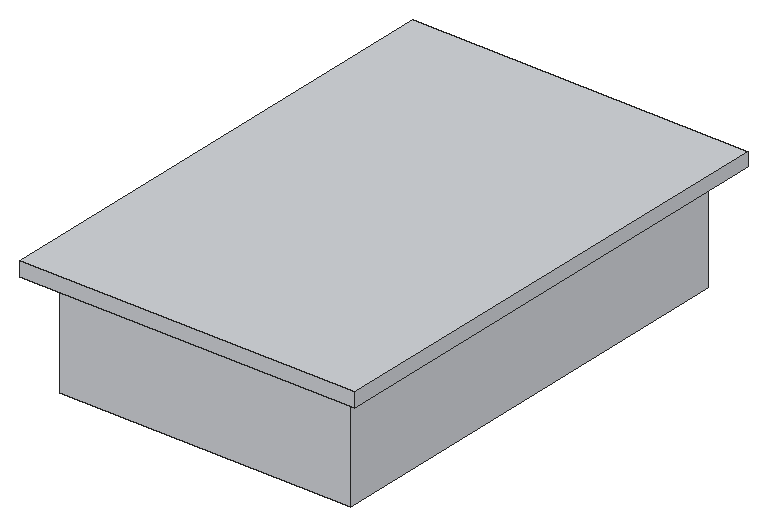
Revit family "5666d9a10e304437b6ca1e18ea2c7cd9", category Communication Devices, host Face, Revit 2021
Family settings
  Host = Face
  Maintain Annotation Orientation = Yes
  Round Connector Dimension = Use Diameter
  Part Type = Normal
  OmniClass Number = 23.85.10.11.11.21
  OmniClass Title = Speakers
  Seek Item ID = Wall Speaker-0000-USA-ENU
  Cut with Voids When Loaded = No
  Shared = No
  Room Calculation Point = No
Parameters (values of type "5" Speaker")
  Width = 0' - 7 1/2"
  Height = 0' - 11"
  Depth = 0' - 2 11/16"
  Default Elevation = 4' - 0"
Types (3): name | Width | Height | Depth
  (no name) | 0' - 7 1/2" | 0' - 11" | 0' - 2 11/16"
  8" Speaker | 0' - 10" | 1' - 2" | 0' - 3 9/16"
  5" Speaker | 0' - 7 1/2" | 0' - 11" | 0' - 2 11/16"
Reference planes (in)
  plane 1 "Center (Front/Back)": y = -1.5
  plane 2: z = 0
  plane 3 "Center (Left/Right)": x = 0.45929
  plane 4: y = 4
  plane 5: y = -7
  plane 6: x = -3.29071
  plane 7: x = 4.20929
  plane 8: y = 3.5
  plane 9: x = 3.70929
  plane 10: y = -6.5
  plane 11: x = -2.79071
  plane 12: z = -2.375
  plane 13: z = 0.3125
Forms (in)
  Extrusion 1, solid
    sketch origin (-1.25, 0, 0) x (1, 0, 0) y (0, 1, 0)
      loop
        line (-2.04071, 4) -> (-2.04071, -7) -> (5.45929, -7) -> (5.45929, 4) -> (-2.04071, 4)
    from 0 to 0.3125
  Extrusion 2, solid
    sketch origin (0, 0, 0) x (1, 0, 0) y (0, 1, 0)
      loop
        line (-2.79071, 3.5) -> (-2.79071, -6.5) -> (3.70929, -6.5) -> (3.70929, 3.5) -> (-2.79071, 3.5)
    from 0 to -2.375
Lines and regions (in)
  symbolic lines, detail levels fine
    curve 1: line (4.20929, -1.5, 0) -> (-3.29071, -1.5, 0)
    curve 2: line (4.20929, -1.5, 0.3125) -> (4.20929, -1.5, 0)
    curve 3: line (-3.29071, -1.5, 0.3125) -> (4.20929, -1.5, 0.3125)
    curve 4: line (-3.29071, -1.5, 0) -> (-3.29071, -1.5, 0.3125)
    curve 5: line (3.70929, -1.5, -2.375) -> (-2.79071, -1.5, -2.375)
    curve 6: line (3.70929, -1.5, 0) -> (3.70929, -1.5, -2.375)
    curve 7: line (-2.79071, -1.5, -2.375) -> (-2.79071, -1.5, 0)
Dimensions and locks (in)
  equal spacing: plane 4, plane 1 "Center (Front/Back)", plane 5
  "Height": plane 4 to plane 5
  equal spacing: plane 6, plane 3 "Center (Left/Right)", plane 7
  "Width": plane 6 to plane 7
  locked: plane 6 to plane 11 at 0.5
  locked: plane 9 to plane 7 at 0.5
  locked: plane 4 to plane 8 at 0.5
  locked: plane 5 to plane 10 at 0.5
  "Depth": plane 13 to plane 12
  locked: plane 13 to host face at 0.3125
  aligned and locked: plane 2 to host face
  aligned and locked: level to host face
  aligned and locked: plane 6 to Extrusion 1 sketch curve
  aligned and locked: Extrusion 1 sketch curve to plane 4
  aligned and locked: plane 5 to Extrusion 1 sketch curve
  aligned and locked: Extrusion 1 sketch curve to plane 7
  aligned and locked: plane 11 to Extrusion 2 sketch curve
  aligned and locked: Extrusion 2 sketch curve to plane 8
  aligned and locked: plane 10 to Extrusion 2 sketch curve
  aligned and locked: Extrusion 2 sketch curve to plane 9
  aligned and locked: Extrusion 2 to plane 12
  aligned and locked: Extrusion 1 to host face
  aligned and locked: host face to Extrusion 2
  aligned and locked: Extrusion 1 to plane 6
  aligned and locked: plane 7 to Extrusion 1  (x2)
  aligned and locked: plane 9 to Extrusion 2
  aligned and locked: plane 11 to Extrusion 2
  aligned and locked: plane 13 to Extrusion 1
  aligned and locked: Extrusion 1 to plane 13
  aligned and locked: plane 3 "Center (Left/Right)" to nested 1
  aligned and locked: plane 1 "Center (Front/Back)" to nested 1
  aligned and locked: plane 2 to curve 1
  aligned and locked: curve 2 to plane 7
  aligned and locked: plane 12 to curve 5
  aligned and locked: curve 6 to plane 9
  aligned and locked: curve 7 to plane 11
  aligned and locked: plane 11 to curve 7
  aligned and locked: plane 9 to curve 6
Automatic sketch dimensions
  host sketch curve to host sketch curve = 8' - 0"
  host sketch curve to host sketch curve = 7' - 2.66229"
  curve 4 to plane 6 = 0' - 0"
  curve 2 to plane 13 = 0' - 0"
Nested families (in)
  nested 1: "Wall Speaker Annotation" at (0.45929, -1.5, 0), type "Wall Speaker Annotation", detail levels coarse+medium
Connectors (in)
  electrical at (0.45929, 3.5, -1.1875)
    settings: on Extrusion 2, index 1, voltage 0 V, apparent load 0 VA, apparent load phase1 0 VA, apparent load phase2 0 VA, apparent load phase3 0 VA, power factor 1, load classification "Other", number of poles 1, system type 14, power factor state 1, is connector primary yes, connector utility no, sub classification motor no, connector description ""
Definition of nested family "Wall Speaker Annotation"
  Parameters
    Label = "s"
  Reference planes (in)
    plane 1: y = 0
    plane 2: x = 0
  Lines and regions (in)
    detail lines
      curve 1: line (-0.0625, 0.125, 0) -> (0.0625, 0.125, 0)
      curve 4: line (-0.0625, 0.125, 0) -> (0, 0, 0)
      curve 5: line (0, 0, 0) -> (0.0625, 0.125, 0)
    detail lines, not visible
      curve 2: line (1.15964, 0.87226, 0) -> (1.28464, 0.87226, 0)
      curve 3: line (1.22214, 0.87226, 0) -> (1.22214, 0.99754, 0)
  Text (in)
    label "s" at (0.00064, 0.16975, 0), shows "Label"
  Dimensions and locks (in)
    locked: curve 1 to curve 1 at 0.125
    locked: plane 1 to curve 1 at 0.125
